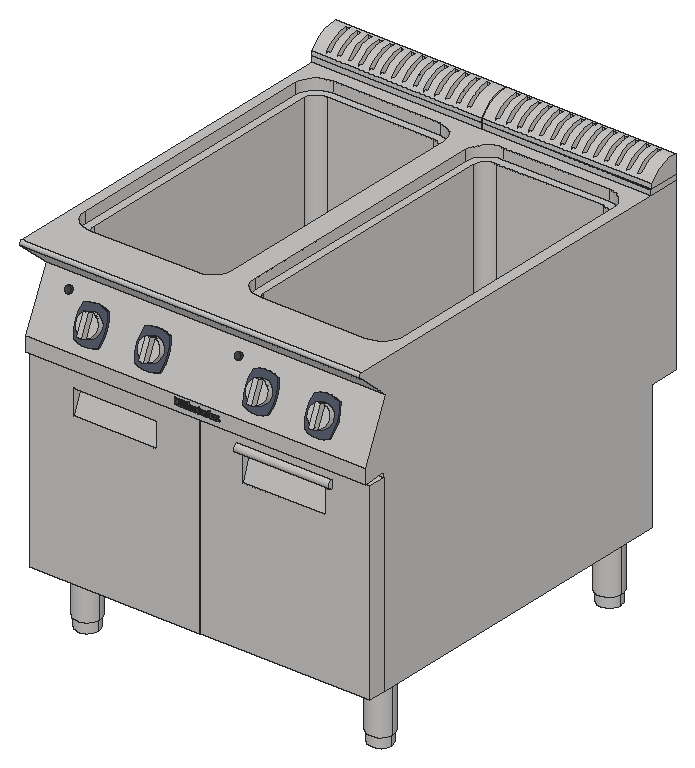
Revit family "QF_ELECTROLUXPROFESSIONAL_391127_E9PCEH2MF0", category Specialty Equipment, Revit 2018
Family settings
  Round Connector Dimension = Use Diameter
  Part Type = Normal
  Work Plane-Based = No
  Always vertical = Yes
  Cut with Voids When Loaded = No
  Shared = No
  Room Calculation Point = No
Parameters
  Width = 800 mm  # constant formula
  Weight in Pounds = 115  # constant formula
  Watts = 20000 VA  # 20000 W
  Waste Water Discharge Temperature [instance] = -459.67 °F
  Volts = 400 V  # constant formula
  URL Cutsheet = "www.electrolux.com/foodservice"
  URL = "www.electrolux.com/foodservice"
  Type Mark [instance] = ""
  Status [instance] = ""
  Specification by User [instance] = ""
  Specification by Manufacturer = ""
  Show Logo [instance] = yes
  Show Clearance [instance] = yes
  Serial Number = ""
  Seismic Rating = ""
  SMACNA No = ""
  Revision Code [instance] = ""
  Plumbing Remarks [instance] = ""
  Plumbing Connection Type [instance] = ""
  Phase = 3
  Omniclass Number and Title = ""
  Number of Poles [instance] = 1
  NAFEM Spec ID Number = ""
  Model = "391127"
  Min Ckt Ampacity = 0 A
  Max Overcurrent Protection = 0 A
  Masterspec = ""
  Manufacturer = "ELECTROLUX"
  Item Number [instance] = ""
  Installed By [instance] = ""
  Indirect Waste Size = 25.4 mm  # 1"
  Indirect Waste Flow [instance] = 0 GPM
  Indirect Waste Connection Type [instance] = ""
  Indirect Waste Connection Height = 0 mm
  Identify Quantity as Lot [instance] = yes
  Height = 851 mm  # constant formula
  HP = "26.8 HP"
  Furnished By [instance] = ""
  Foodservice Equipment Identifier [instance] = yes
  FL Amps = if(Phase = 3, Watts / (Volts * 1.73), Watts / Volts)  # 28.9017 A
  Electrical Remarks [instance] = "400 V/3N ph/50/60 Hz"  # constant formula
  Electric Connection Type [instance] = ""
  Elec Conn RI Height [instance] = 0 mm
  Elec Conn Connection Height [instance] = 0 mm
  Direct Waste Size = 1"
  Description = "900XP ELECTRIC PASTA COOKER, 40LT WELL, 2 WELLS - 400 V"
  Depth = 930 mm  # constant formula
  Cycle [instance] = if([60 Hertz Option], 60 Hz, 50 Hz)  # 60 Hz
  Conn Plug = ""
  Conn Conduit = yes
  Cold Water Temperature Recommended [instance] = -459.67 °F
  Cold Water Size = 19.1 mm  # 0.75197"
  Cold Water RI Height [instance] = 0 mm
  Cold Water Minimum Pressure = 0.00 psi
  Cold Water Maximum Pressure = 0.00 psi
  Cold Water Flow [instance] = 0 GPM
  Cold Water Consumption = ""
  Cold Water Connection Height = 0 mm
  CSI MasterFormat = ""
  CSI Master Format = ""
  Base Height [instance] = 150 mm  # constant formula
  Apparent Power = if(Phase = 3, Volts * FL Amps * 1.73, Volts * FL Amps)  # 20000 VA
  60 Hertz Option [instance] = not([50 Hertz Option])  # yes
  50 Hertz Option [instance] = no
Reference planes
  plane 1 "BACK": y = 0
  plane 2: z = 0
  plane 3 "LEFT": x = 0
  plane 4 "RIGHT": x = 800
  plane 5 "FRONT": y = -930
  plane 6 "TOP": z = 908
  plane 7 "Center Y": x = 400
  plane 8 "Center X": y = -465
  plane 9 "BASE": z = 601.763
  plane 10 "TOP A": z = 851
  plane 11: z = 150
  plane 12: y = -126
  plane 13: y = -800
  plane 14: y = -1288
  plane 15: x = 755
  plane 16: x = 232
  plane 17: x = 65
  plane 18: x = 737
  plane 19: x = 632
  plane 20: x = 55
  plane 21: x = 745
Forms (mm)
  Extrusion 1, solid, material "QF_Finishes_Stainless Steel"
    sketch origin (0, 0, 0) x (0, 1, 0) y (0, 0, 1)
      loop
        line (0, 851) -> (-923.65, 851)
        arc (-923.65, 851) -> (-929.517, 847.08) -> (-928.14, 840.16) r 6.35
        line (-928.14, 840.16) -> (-852.034, 773.495) -> (-912.145, 642.892) -> (-912.145, 608.853) -> (-858.773, 614.463) -> (-858.773, 150) -> (-70, 150) -> (-70, 451.763) -> (0, 451.763) -> (0, 851)
      loop
        line (-900, 601.763) -> (-900, 150) -> (-860.361, 150) -> (-860.361, 601.763) -> (-900, 601.763)
    from 0 to 800
  Extrusion 2, solid, material "QF_Clearances", visible <- "Show Clearance", detail levels coarse
    sketch origin (0, 0, 0) x (1, 0, 0) y (0, 1, 0)
      loop
        line (0, -930) -> (0, 0) -> (800, 0) -> (800, -930) -> (950.019, -930) -> (950.019, 150.019) -> (-150.019, 150.019) -> (-150.019, -930) -> (0, -930)
    from 0 to 908
  Extrusion 3, solid, material "QF_Door-Drawer Clearances", visible <- "Show Clearance", detail levels coarse
    sketch origin (400, 0, 851) x (1, 0, 0) y (0, 1, 0)
      loop
        arc (-400, -1288) -> (-124.279, -1172.327) -> (-0.826, -900) r 409.234
        line (-0.826, -900) -> (-400, -900) -> (-400, -1288)
    from -701 to -249.237
  Extrusion 4, solid, material "QF_Door-Drawer Clearances", visible <- "Show Clearance", detail levels coarse
    sketch origin (400, 0, 851) x (-1, 0, 0) y (0, -1, 0)
      loop
        line (-400, 1288) -> (-400, 900) -> (-0.826, 900)
        arc (-0.826, 900) -> (-124.279, 1172.327) -> (-400, 1288) r 409.234
    from -701 to -249.237
  Extrusion 5, solid, material "QF_Finishes_Navy Blue", visible <- "Show Logo"
    sketch origin (201.175, -912.145, 608.853) x (0, 0, 1) y (-1, 0, 0)
      loop
        line (27.359, -159.055) -> (14.993, -159.055)
        arc (14.993, -159.055) -> (21.176, -163.626) -> (27.359, -159.055) r 6.467
      loop
        arc (27.359, -158.426) -> (26.19, -153.283) -> (21.534, -150.805) r 6.338
        line (21.534, -150.805) -> (21.534, -152.851)
        arc (21.534, -152.851) -> (23.018, -156.506) -> (26.464, -158.426) r 5.941
        line (26.464, -158.426) -> (27.359, -158.426)
      loop
        arc (15.888, -158.426) -> (19.334, -156.506) -> (20.817, -152.851) r 5.941
        line (20.817, -152.851) -> (20.817, -150.805)
        arc (20.817, -150.805) -> (16.123, -153.279) -> (14.834, -158.426) r 6.504
        line (14.834, -158.426) -> (15.888, -158.426)
      loop
        line (28.034, -150.336) -> (14.29, -150.336) -> (14.29, -164.099) -> (28.034, -164.099) -> (28.034, -150.336)
      loop
        arc (28.118, -167.066) -> (27.77, -166.709) -> (27.403, -167.047) r 0.358
        arc (27.403, -167.047) -> (27.089, -167.797) -> (26.372, -168.182) r 1.216
        line (26.372, -168.182) -> (15.959, -168.182)
        arc (15.959, -168.182) -> (15.299, -167.904) -> (14.903, -167.308) r 1.238
        arc (14.903, -167.308) -> (14.509, -167.057) -> (14.203, -167.411) r 0.358
        line (14.203, -167.411) -> (14.203, -177.29) -> (16.954, -177.29) -> (16.954, -176.393)
        arc (16.954, -176.393) -> (16.045, -175.813) -> (15.589, -174.836) r 1.928
        line (15.589, -174.836) -> (15.589, -172.337)
        arc (15.589, -172.337) -> (15.865, -171.608) -> (16.553, -171.244) r 1.101
        line (16.553, -171.244) -> (20.64, -171.244) -> (20.64, -174.917)
        arc (20.64, -174.917) -> (20.287, -175.414) -> (19.722, -175.642) r 1.083
        arc (19.722, -175.642) -> (19.459, -175.948) -> (19.751, -176.226) r 0.292
        line (19.751, -176.226) -> (22.713, -176.226)
        arc (22.713, -176.226) -> (23.016, -175.953) -> (22.777, -175.623) r 0.305
        arc (22.777, -175.623) -> (22.286, -175.375) -> (21.981, -174.917) r 1.083
        line (21.981, -174.917) -> (21.981, -171.244) -> (26.659, -171.244) -> (26.659, -174.991)
        arc (26.659, -174.991) -> (26.444, -175.747) -> (25.838, -176.245) r 1.314
        arc (25.838, -176.245) -> (25.619, -176.649) -> (25.973, -176.941) r 0.361
        line (25.973, -176.941) -> (28.118, -176.941) -> (28.118, -167.066)
      loop
        arc (27.4, -177.722) -> (27.02, -178.641) -> (26.101, -179.021) r 1.299
        line (26.101, -179.021) -> (16.522, -179.021)
        arc (16.522, -179.021) -> (15.684, -178.643) -> (15.413, -177.765) r 1.118
        line (15.413, -177.765) -> (14.203, -177.765) -> (14.203, -183.115) -> (15.391, -183.115)
        arc (15.391, -183.115) -> (15.663, -182.198) -> (16.533, -181.802) r 1.153
        line (16.533, -181.802) -> (28.605, -181.802) -> (27.4, -177.722)
      loop
        line (19.168, -185.751) -> (19.168, -192.198) -> (19.967, -192.198)
        arc (19.967, -192.198) -> (22.547, -191.214) -> (23.816, -188.76) r 3.874
        line (23.816, -188.76) -> (23.816, -187)
        arc (23.816, -187) -> (22.629, -184.135) -> (19.765, -182.949) r 4.051
        line (19.765, -182.949) -> (17.757, -182.949)
        arc (17.757, -182.949) -> (14.938, -184.434) -> (13.887, -187.441) r 4.352
        arc (13.887, -187.441) -> (14.251, -189.904) -> (15.629, -191.978) r 5.713
        line (15.629, -191.978) -> (16.578, -191.978)
        arc (16.578, -191.978) -> (15.845, -190.409) -> (15.629, -188.691) r 5.579
        arc (15.629, -188.691) -> (16.422, -186.728) -> (18.301, -185.751) r 3.057
        line (18.301, -185.751) -> (19.168, -185.751)
      loop
        line (20.427, -185.751) -> (20.427, -189.333)
        arc (20.427, -189.333) -> (21.884, -189.38) -> (22.767, -188.221) r 1.59
        line (22.767, -188.221) -> (22.767, -187.391)
        arc (22.767, -187.391) -> (21.902, -186.136) -> (20.427, -185.751) r 2.184
      loop
        arc (23.218, -201.616) -> (23.707, -199.942) -> (23.864, -198.205) r 9.023
        line (23.864, -198.205) -> (23.864, -196.843)
        arc (23.864, -196.843) -> (22.705, -194.043) -> (19.905, -192.883) r 3.959
        line (19.905, -192.883) -> (17.305, -192.883)
        arc (17.305, -192.883) -> (15.023, -194.176) -> (13.906, -196.549) r 4.331
        line (13.906, -196.549) -> (13.906, -198.684)
        arc (13.906, -198.684) -> (14.414, -200.234) -> (15.336, -201.58) r 5.772
        arc (15.336, -201.58) -> (16.098, -201.631) -> (16.184, -200.872) r 0.553
        arc (16.184, -200.872) -> (15.796, -200.138) -> (15.662, -199.319) r 2.573
        line (15.662, -199.319) -> (15.662, -197.804)
        arc (15.662, -197.804) -> (16.668, -196.162) -> (18.483, -195.52) r 2.884
        line (18.483, -195.52) -> (19.762, -195.52)
        arc (19.762, -195.52) -> (21.583, -196.08) -> (22.509, -197.745) r 2.554
        line (22.509, -197.745) -> (22.509, -198.798)
        arc (22.509, -198.798) -> (22.178, -199.726) -> (21.521, -200.461) r 2.564
        arc (21.521, -200.461) -> (21.299, -201.178) -> (21.909, -201.616) r 0.643
        line (21.909, -201.616) -> (23.218, -201.616)
      loop
        line (22.2, -201.886) -> (22.2, -203.387) -> (16.152, -203.387)
        arc (16.152, -203.387) -> (14.564, -204.045) -> (13.906, -205.633) r 2.246
        line (13.906, -205.633) -> (13.906, -207.217)
        arc (13.906, -207.217) -> (14.22, -208.081) -> (14.72, -208.853) r 4.06
        arc (14.72, -208.853) -> (15.453, -208.986) -> (15.704, -208.285) r 0.576
        arc (15.704, -208.285) -> (15.598, -207.759) -> (15.662, -207.227) r 1.69
        arc (15.662, -207.227) -> (16.204, -206.439) -> (17.11, -206.136) r 1.506
        line (17.11, -206.136) -> (22.248, -206.136) -> (22.248, -208.533) -> (22.805, -209.089) -> (23.626, -209.089) -> (23.626, -206.23) -> (26.857, -206.23) -> (22.2, -201.886)
      loop
        line (14.124, -209.987) -> (14.124, -215.374) -> (15.234, -215.374)
        arc (15.234, -215.374) -> (15.627, -214.423) -> (16.578, -214.029) r 1.345
        line (16.578, -214.029) -> (20.195, -214.029)
        arc (20.195, -214.029) -> (20.959, -214.621) -> (21.249, -215.543) r 1.615
        line (21.249, -215.543) -> (21.249, -217.099) -> (23.805, -217.784) -> (23.805, -216.401) -> (21.862, -213.842) -> (23.742, -213.842) -> (23.458, -211.136)
        arc (23.458, -211.136) -> (23.018, -210.606) -> (22.359, -210.807) r 0.621
        arc (22.359, -210.807) -> (21.959, -211.149) -> (21.465, -211.332) r 1.501
        line (21.465, -211.332) -> (16.578, -211.332)
        arc (16.578, -211.332) -> (15.627, -210.938) -> (15.234, -209.987) r 1.345
        line (15.234, -209.987) -> (14.124, -209.987)
      loop
        line (20.225, -217.321) -> (17.533, -217.321)
        arc (17.533, -217.321) -> (15.088, -218.629) -> (13.954, -221.159) r 4.288
        arc (13.954, -221.159) -> (13.89, -222.54) -> (13.954, -223.92) r 15.022
        arc (13.954, -223.92) -> (15.088, -226.451) -> (17.533, -227.758) r 4.288
        line (17.533, -227.758) -> (20.225, -227.758)
        arc (20.225, -227.758) -> (22.671, -226.451) -> (23.805, -223.92) r 4.288
        arc (23.805, -223.92) -> (23.868, -222.54) -> (23.805, -221.159) r 15.022
        arc (23.805, -221.159) -> (22.671, -218.629) -> (20.225, -217.321) r 4.288
      loop
        line (20.43, -220.435) -> (17.328, -220.435)
        arc (17.328, -220.435) -> (15.171, -222.592) -> (17.328, -224.749) r 2.157
        line (17.328, -224.749) -> (20.43, -224.749)
        arc (20.43, -224.749) -> (22.587, -222.592) -> (20.43, -220.435) r 2.157
      loop
        arc (27.411, -227.616) -> (27.041, -228.51) -> (26.147, -228.881) r 1.264
        line (26.147, -228.881) -> (16.282, -228.881)
        arc (16.282, -228.881) -> (15.412, -228.484) -> (15.141, -227.568) r 1.153
        line (15.141, -227.568) -> (14.203, -227.568) -> (14.203, -232.676) -> (15.131, -232.676)
        arc (15.131, -232.676) -> (15.49, -231.904) -> (16.282, -231.589) r 1.153
        line (16.282, -231.589) -> (28.605, -231.589) -> (27.411, -227.616)
      loop
        arc (22.531, -232.213) -> (22.332, -233.278) -> (21.363, -233.76) r 1.215
        line (21.363, -233.76) -> (16.343, -233.76)
        arc (16.343, -233.76) -> (14.728, -234.407) -> (14.008, -235.99) r 2.338
        line (14.008, -235.99) -> (14.008, -237.505)
        arc (14.008, -237.505) -> (14.182, -238.509) -> (14.684, -239.395) r 2.979
        line (14.684, -239.395) -> (14.203, -241.192) -> (14.203, -242.88) -> (23.629, -242.88) -> (23.335, -238.677) -> (22.548, -238.677)
        arc (22.548, -238.677) -> (22.192, -239.513) -> (21.44, -240.022) r 1.605
        line (21.44, -240.022) -> (16.337, -240.022)
        arc (16.337, -240.022) -> (15.917, -239.085) -> (15.844, -238.061) r 2.94
        arc (15.844, -238.061) -> (16.405, -236.96) -> (17.558, -236.517) r 1.724
        line (17.558, -236.517) -> (23.755, -236.517) -> (22.531, -232.213)
      loop
        line (23.559, -243.734) -> (21.887, -245.78) -> (18.713, -248.086) -> (15.257, -244.974)
        arc (15.257, -244.974) -> (15.02, -244.58) -> (15.042, -244.121) r 0.789
        line (15.042, -244.121) -> (14.203, -244.121) -> (14.203, -247.666) -> (15.029, -247.666)
        arc (15.029, -247.666) -> (15.372, -247.304) -> (15.862, -247.396) r 0.52
        line (15.862, -247.396) -> (17.661, -248.867) -> (15.543, -250.242)
        arc (15.543, -250.242) -> (15.142, -249.932) -> (15.055, -249.433) r 0.7
        line (15.055, -249.433) -> (14.203, -249.433) -> (14.203, -255.36) -> (15.09, -255.36)
        arc (15.09, -255.36) -> (15.157, -254.701) -> (15.552, -254.17) r 1.247
        line (15.552, -254.17) -> (19.751, -250.889) -> (22.198, -252.942) -> (23.559, -254.684) -> (23.559, -250.96) -> (22.074, -251.383) -> (20.553, -250.106) -> (22.253, -248.916) -> (23.559, -249.692) -> (23.559, -243.734)
    from 0 to 1.644
  Extrusion 6, solid, material "QF_Finishes_Stainless Steel"
    sketch origin (200, 0, 0) x (0, 1, 0) y (0, 0, 1)
      loop
        line (-71.89, 863.9) -> (-71.89, 851) -> (0, 851) -> (0, 863.9) -> (-71.89, 863.9)
    from -200 to 200
  Extrusion 7, solid, material "QF_Finishes_Stainless Steel"
    sketch origin (0, 0, 574.263) x (0, 1, 0) y (0, 0, 1)
      loop
        line (0, 289.638) -> (0, 333.737)
        arc (0, 333.737) -> (-39.336, 326.03) -> (-69.85, 300.038) r 79.141
        line (-69.85, 300.038) -> (-69.85, 289.638) -> (0, 289.638)
    from 0 to 400
  Extrusion 8, void
    sketch origin (0, 0, 848.9) x (0, -1, 0) y (1, 0, 0)
      loop
        line (6.761, 29.703) -> (63.911, 29.703) -> (63.911, 38.999) -> (6.761, 38.999) -> (6.761, 29.703)
      loop
        line (63.911, 64.487) -> (6.761, 64.487) -> (6.761, 55.191) -> (63.911, 55.191) -> (63.911, 64.487)
      loop
        line (63.911, 89.975) -> (6.761, 89.975) -> (6.761, 80.68) -> (63.911, 80.68) -> (63.911, 89.975)
      loop
        line (63.911, 115.464) -> (6.761, 115.464) -> (6.761, 106.168) -> (63.911, 106.168) -> (63.911, 115.464)
      loop
        line (63.911, 140.952) -> (6.761, 140.952) -> (6.761, 131.656) -> (63.911, 131.656) -> (63.911, 140.952)
      loop
        line (63.911, 166.44) -> (6.761, 166.44) -> (6.761, 157.145) -> (63.911, 157.145) -> (63.911, 166.44)
      loop
        line (63.911, 191.929) -> (6.761, 191.929) -> (6.761, 182.633) -> (63.911, 182.633) -> (63.911, 191.929)
      loop
        line (63.911, 217.417) -> (6.761, 217.417) -> (6.761, 208.121) -> (63.911, 208.121) -> (63.911, 217.417)
      loop
        line (63.911, 242.905) -> (6.761, 242.905) -> (6.761, 233.61) -> (63.911, 233.61) -> (63.911, 242.905)
      loop
        line (63.911, 268.394) -> (6.761, 268.394) -> (6.761, 259.098) -> (63.911, 259.098) -> (63.911, 268.394)
      loop
        line (63.911, 293.882) -> (6.761, 293.882) -> (6.761, 284.586) -> (63.911, 284.586) -> (63.911, 293.882)
      loop
        line (63.911, 319.37) -> (6.761, 319.37) -> (6.761, 310.075) -> (63.911, 310.075) -> (63.911, 319.37)
      loop
        line (63.911, 344.859) -> (6.761, 344.859) -> (6.761, 335.563) -> (63.911, 335.563) -> (63.911, 344.859)
      loop
        line (63.911, 370.347) -> (6.761, 370.347) -> (6.761, 361.051) -> (63.911, 361.051) -> (63.911, 370.347)
    from 25.4 to 63.5
  Extrusion 9, solid, material "QF_Finishes_Stainless Steel"
    sketch origin (600, 0, 0) x (0, 1, 0) y (0, 0, -1)
      loop
        line (-71.89, -863.9) -> (0, -863.9) -> (0, -851) -> (-71.89, -851) -> (-71.89, -863.9)
    from -200 to 200
  Extrusion 10, solid, material "QF_Finishes_Stainless Steel"
    sketch origin (800, 0, 574.263) x (0, 1, 0) y (0, 0, -1)
      loop
        line (0, -289.638) -> (-69.85, -289.638) -> (-69.85, -300.038)
        arc (-69.85, -300.038) -> (-39.336, -326.03) -> (0, -333.737) r 79.141
        line (0, -333.737) -> (0, -289.638)
    from 0 to 400
  Extrusion 11, void
    sketch origin (800, 0, 848.9) x (0, -1, 0) y (1, 0, 0)
      loop
        line (6.761, -29.703) -> (6.761, -38.999) -> (63.911, -38.999) -> (63.911, -29.703) -> (6.761, -29.703)
      loop
        line (63.911, -64.487) -> (63.911, -55.191) -> (6.761, -55.191) -> (6.761, -64.487) -> (63.911, -64.487)
      loop
        line (63.911, -90.975) -> (63.911, -81.68) -> (6.761, -81.68) -> (6.761, -90.975) -> (63.911, -90.975)
      loop
        line (63.911, -116.464) -> (63.911, -107.168) -> (6.761, -107.168) -> (6.761, -116.464) -> (63.911, -116.464)
      loop
        line (63.911, -141.952) -> (63.911, -132.656) -> (6.761, -132.656) -> (6.761, -141.952) -> (63.911, -141.952)
      loop
        line (63.911, -167.44) -> (63.911, -158.145) -> (6.761, -158.145) -> (6.761, -167.44) -> (63.911, -167.44)
      loop
        line (63.911, -192.929) -> (63.911, -183.633) -> (6.761, -183.633) -> (6.761, -192.929) -> (63.911, -192.929)
      loop
        line (63.911, -218.417) -> (63.911, -209.121) -> (6.761, -209.121) -> (6.761, -218.417) -> (63.911, -218.417)
      loop
        line (63.911, -243.905) -> (63.911, -234.61) -> (6.761, -234.61) -> (6.761, -243.905) -> (63.911, -243.905)
      loop
        line (63.911, -269.394) -> (63.911, -260.098) -> (6.761, -260.098) -> (6.761, -269.394) -> (63.911, -269.394)
      loop
        line (63.911, -294.882) -> (63.911, -285.586) -> (6.761, -285.586) -> (6.761, -294.882) -> (63.911, -294.882)
      loop
        line (63.911, -320.37) -> (63.911, -311.075) -> (6.761, -311.075) -> (6.761, -320.37) -> (63.911, -320.37)
      loop
        line (63.911, -345.859) -> (63.911, -336.563) -> (6.761, -336.563) -> (6.761, -345.859) -> (63.911, -345.859)
      loop
        line (63.911, -371.347) -> (63.911, -362.051) -> (6.761, -362.051) -> (6.761, -371.347) -> (63.911, -371.347)
    from 25.4 to 63.5
  Extrusion 12, void
    sketch origin (0, -900, 601.763) x (0, 0, -1) y (1, 0, 0)
      loop
        line (451.762, 400.912) -> (0, 400.912) -> (0, 399.088) -> (451.762, 399.088) -> (451.762, 400.912)
    from 0 to -39.639
  Extrusion 13, void
    sketch origin (200, -14.239, 0) x (0, 1, 0) y (0, 0, 1)
      loop
        line (-885.761, 564.263) -> (-885.761, 504.332) -> (-863.948, 564.263) -> (-885.761, 564.263)
    from -96.424 to 99.144
  Extrusion 14, void
    sketch origin (600, -14.239, 0) x (0, 1, 0) y (0, 0, -1)
      loop
        line (-885.761, -564.263) -> (-863.948, -564.263) -> (-885.761, -504.332) -> (-885.761, -564.263)
    from -96.424 to 99.144
  Extrusion 15, solid, material "QF_Finishes_Stainless Steel"
    sketch origin (600, -14.239, 22.5) x (0, 1, 0) y (0, 0, -1)
      loop
        arc (-885.761, -541.858) -> (-895.666, -551.763) -> (-885.761, -561.667) r 9.905
        line (-885.761, -561.667) -> (-885.761, -541.858)
    from -110.529 to 112.106
  Extrusion 16, void
    sketch origin (0, 0, 791) x (1, 0, 0) y (0, 1, 0)
      loop
        line (75, -800) -> (325, -800)
        arc (325, -800) -> (346.213, -791.213) -> (355, -770) r 30
        line (355, -770) -> (355, -606.643)
        arc (355, -606.643) -> (346.213, -627.856) -> (325, -636.643) r 30
        line (325, -636.643) -> (75, -636.643)
        arc (75, -636.643) -> (53.787, -627.856) -> (45, -606.643) r 30
        line (45, -606.643) -> (45, -770)
        arc (45, -770) -> (53.787, -791.213) -> (75, -800) r 30
    from 35 to -189.237
  Extrusion 17, void
    sketch origin (0, 0, 791) x (0, 1, 0) y (-1, 0, 0)
      loop
        arc (-121.89, -75) -> (-130.677, -53.787) -> (-151.89, -45) r 30
        line (-151.89, -45) -> (-606.643, -45)
        arc (-606.643, -45) -> (-627.856, -53.787) -> (-636.643, -75) r 30
        line (-636.643, -75) -> (-636.643, -325)
        arc (-636.643, -325) -> (-627.856, -346.213) -> (-606.643, -355) r 30
        line (-606.643, -355) -> (-151.89, -355)
        arc (-151.89, -355) -> (-130.677, -346.213) -> (-121.89, -325) r 30
        line (-121.89, -325) -> (-121.89, -75)
    from 35 to -339.237
  Extrusion 18, void
    sketch origin (800, 0, 851) x (1, 0, 0) y (0, 1, 0)
      loop
        line (-75, -101.89) -> (-325, -101.89)
        arc (-325, -101.89) -> (-360.355, -116.535) -> (-375, -151.89) r 50
        line (-375, -151.89) -> (-375, -770)
        arc (-375, -770) -> (-360.355, -805.355) -> (-325, -820) r 50
        line (-325, -820) -> (-75, -820)
        arc (-75, -820) -> (-39.645, -805.355) -> (-25, -770) r 50
        line (-25, -770) -> (-25, -151.89)
        arc (-25, -151.89) -> (-39.645, -116.535) -> (-75, -101.89) r 50
    from 0 to -25
  Extrusion 19, void
    sketch origin (800, 0, 791) x (-1, 0, 0) y (0, -1, 0)
      loop
        arc (75, 800) -> (53.787, 791.213) -> (45, 770) r 30
        line (45, 770) -> (45, 606.643)
        arc (45, 606.643) -> (53.787, 627.856) -> (75, 636.643) r 30
        line (75, 636.643) -> (325, 636.643)
        arc (325, 636.643) -> (346.213, 627.856) -> (355, 606.643) r 30
        line (355, 606.643) -> (355, 770)
        arc (355, 770) -> (346.213, 791.213) -> (325, 800) r 30
        line (325, 800) -> (75, 800)
    from 35 to -189.237
  Extrusion 20, void
    sketch origin (800, 0, 791) x (0, -1, 0) y (1, 0, 0)
      loop
        line (121.89, -75) -> (121.89, -325)
        arc (121.89, -325) -> (130.677, -346.213) -> (151.89, -355) r 30
        line (151.89, -355) -> (606.643, -355)
        arc (606.643, -355) -> (627.856, -346.213) -> (636.643, -325) r 30
        line (636.643, -325) -> (636.643, -75)
        arc (636.643, -75) -> (627.856, -53.787) -> (606.643, -45) r 30
        line (606.643, -45) -> (151.89, -45)
        arc (151.89, -45) -> (130.677, -53.787) -> (121.89, -75) r 30
    from 35 to -339.237
  Extrusion 21, solid, material "QF_Finishes_Navy Blue"
    sketch origin (-405.52, -913.486, 639.979) x (0, 0.418102, 0.9084) y (-1, 0, 0)
      loop
        arc (102.623, -510.47) -> (67.041, -502.846) -> (31.333, -509.853) r 90.5
        arc (31.333, -509.853) -> (24.507, -539.04) -> (31.333, -568.228) r 65.817
        arc (31.333, -568.228) -> (67.04, -575.188) -> (102.623, -567.615) r 91.066
        arc (102.623, -567.615) -> (109.179, -539.043) -> (102.623, -510.47) r 65.546
    from 0 to 3.175
  Extrusion 22, solid, material "QF_Finishes_Stainless Steel"
    sketch origin (-26.77, -917.2, 639.505) x (0, 0.418102, 0.9084) y (-1, 0, 0)
      loop
        circle (68.826, -160.963) r 25.4
    from 0 to 12.7
  Extrusion 23, solid, material "QF_Finishes_Stainless Steel"
    sketch origin (-26.77, -928.736, 644.814) x (0, 0.418102, 0.9084) y (-1, 0, 0)
      loop
        arc (93.558, -166.749) -> (94.226, -160.963) -> (93.558, -155.177) r 25.4
        line (93.558, -155.177) -> (44.094, -155.177)
        arc (44.094, -155.177) -> (43.426, -160.963) -> (44.094, -166.749) r 25.4
        line (44.094, -166.749) -> (93.558, -166.749)
    from 0 to 12.7
  Extrusion 24, solid, material "QF_Finishes_Navy Blue"
    sketch origin (-260.52, -913.486, 639.979) x (0, 0.418102, 0.9084) y (-1, 0, 0)
      loop
        arc (102.623, -510.47) -> (67.041, -502.846) -> (31.333, -509.853) r 90.5
        arc (31.333, -509.853) -> (24.507, -539.04) -> (31.333, -568.228) r 65.817
        arc (31.333, -568.228) -> (67.04, -575.188) -> (102.623, -567.615) r 91.066
        arc (102.623, -567.615) -> (109.179, -539.043) -> (102.623, -510.47) r 65.546
    from 0 to 3.175
  Extrusion 25, solid, material "QF_Finishes_Stainless Steel"
    sketch origin (118.23, -917.2, 639.505) x (0, 0.418102, 0.9084) y (-1, 0, 0)
      loop
        circle (68.826, -160.963) r 25.4
    from 0 to 12.7
  Extrusion 26, solid, material "QF_Finishes_Stainless Steel"
    sketch origin (118.23, -928.736, 644.814) x (0, 0.418102, 0.9084) y (-1, 0, 0)
      loop
        arc (93.558, -166.749) -> (94.226, -160.963) -> (93.558, -155.177) r 25.4
        line (93.558, -155.177) -> (44.094, -155.177)
        arc (44.094, -155.177) -> (43.426, -160.963) -> (44.094, -166.749) r 25.4
        line (44.094, -166.749) -> (93.558, -166.749)
    from 0 to 12.7
  Extrusion 27, solid, material "QF_Finishes_Black"
    sketch origin (-36.317, -915, 636.69) x (0, 0.418102, 0.9084) y (-1, 0, 0)
      loop
        circle (117.556, -101.317) r 7.5
    from 0 to 4
  Extrusion 28, solid, material "QF_Finishes_Navy Blue"
    sketch origin (-5.52, -913.486, 639.979) x (0, 0.418102, 0.9084) y (-1, 0, 0)
      loop
        arc (102.623, -510.47) -> (67.041, -502.846) -> (31.333, -509.853) r 90.5
        arc (31.333, -509.853) -> (24.507, -539.04) -> (31.333, -568.228) r 65.817
        arc (31.333, -568.228) -> (67.04, -575.188) -> (102.623, -567.615) r 91.066
        arc (102.623, -567.615) -> (109.179, -539.043) -> (102.623, -510.47) r 65.546
    from 0 to 3.175
  Extrusion 29, solid, material "QF_Finishes_Stainless Steel"
    sketch origin (373.23, -917.2, 639.505) x (0, 0.418102, 0.9084) y (-1, 0, 0)
      loop
        circle (68.826, -160.963) r 25.4
    from 0 to 12.7
  Extrusion 30, solid, material "QF_Finishes_Stainless Steel"
    sketch origin (373.23, -928.736, 644.814) x (0, 0.418102, 0.9084) y (-1, 0, 0)
      loop
        arc (93.558, -166.749) -> (94.226, -160.963) -> (93.558, -155.177) r 25.4
        line (93.558, -155.177) -> (44.094, -155.177)
        arc (44.094, -155.177) -> (43.426, -160.963) -> (44.094, -166.749) r 25.4
        line (44.094, -166.749) -> (93.558, -166.749)
    from 0 to 12.7
  Extrusion 31, solid, material "QF_Finishes_Navy Blue"
    sketch origin (139.48, -913.486, 639.979) x (0, 0.418102, 0.9084) y (-1, 0, 0)
      loop
        arc (102.64, -509.47) -> (67.049, -501.922) -> (31.333, -508.853) r 91.424
        arc (31.333, -508.853) -> (24.284, -538.54) -> (31.333, -568.228) r 66.04
        arc (31.333, -568.228) -> (67.048, -575.112) -> (102.64, -567.615) r 91.99
        arc (102.64, -567.615) -> (109.413, -538.543) -> (102.64, -509.47) r 65.781
    from 0 to 3.175
  Extrusion 32, solid, material "QF_Finishes_Stainless Steel"
    sketch origin (518.23, -917.2, 639.505) x (0, 0.418102, 0.9084) y (-1, 0, 0)
      loop
        circle (68.826, -160.963) r 25.4
    from 0 to 12.7
  Extrusion 33, solid, material "QF_Finishes_Stainless Steel"
    sketch origin (518.23, -928.736, 644.814) x (0, 0.418102, 0.9084) y (-1, 0, 0)
      loop
        arc (93.558, -166.749) -> (94.226, -160.963) -> (93.558, -155.177) r 25.4
        line (93.558, -155.177) -> (44.094, -155.177)
        arc (44.094, -155.177) -> (43.426, -160.963) -> (44.094, -166.749) r 25.4
        line (44.094, -166.749) -> (93.558, -166.749)
    from 0 to 12.7
  Extrusion 34, solid, material "QF_Finishes_Black"
    sketch origin (363.683, -915, 636.69) x (0, 0.418102, 0.9084) y (-1, 0, 0)
      loop
        circle (117.556, -101.317) r 7.5
    from 0 to 4
  Extrusion 35, solid, material "QF_Finishes_Stainless Steel"
    sketch origin (0, 0, 0) x (1, 0, 0) y (0, 1, 0)
      loop
        circle (232, -780) r 12.7
    from 176 to 292.788
  Extrusion 36, solid, material "QF_Finishes_Stainless Steel"
    sketch origin (0, -70, 150) x (-1, 0, 0) y (0, 1, 0)
      loop
        circle (-599, -500) r 6.35
    from 0 to 10
  Extrusion 37, solid, material "QF_Finishes_Stainless Steel"
    sketch origin (552.628, 92.372, 0) x (1, 0, 0) y (0, 1, 0)
      loop
        circle (184.372, -792.372) r 9.525
    from 200 to 331.575
  Extrusion 38, solid, material "QF_Finishes_Stainless Steel"
    sketch origin (800, 0, 0) x (-1, 0, 0) y (0, -1, 0)
      loop
        circle (168, 780) r 12.7
    from 176 to 292.788
  Extrusion 39, void
    sketch origin (105, 0, 851) x (-1, 0, 0) y (0, -1, 0)
      loop
        arc (30, 101.89) -> (65.355, 116.535) -> (80, 151.89) r 50
        line (80, 151.89) -> (80, 770)
        arc (80, 770) -> (65.355, 805.355) -> (30, 820) r 50
        line (30, 820) -> (-220, 820)
        arc (-220, 820) -> (-255.355, 805.355) -> (-270, 770) r 50
        line (-270, 770) -> (-270, 151.89)
        arc (-270, 151.89) -> (-255.355, 116.535) -> (-220, 101.89) r 50
        line (-220, 101.89) -> (30, 101.89)
    from 0 to -25
  Revolve 40, solid, material "QF_Finishes_Stainless Steel"
    sketch origin (-1, -126, 608.09) x (0, 0, 1) y (-1, 0, 0)
      loop
        line (-608.09, -56) -> (-458.09, -56) -> (-458.09, -26) -> (-583.09, -26) -> (-583.09, -29.75) -> (-608.09, -29.75) -> (-608.09, -56)
      axis (-608.09, -56) -> (-458.09, -56)
    angle from 0 to 360
  Revolve 41, solid, material "QF_Finishes_Stainless Steel"
    sketch origin (-1, -800, 608.09) x (0, 0, 1) y (1, 0, 0)
      loop
        line (-608.09, 56) -> (-608.09, 29.75) -> (-583.09, 29.75) -> (-583.09, 26) -> (-458.09, 26) -> (-458.09, 56) -> (-608.09, 56)
      axis (-608.09, 56) -> (-458.09, 56)
    angle from 0 to 360
  Revolve 42, solid, material "QF_Finishes_Stainless Steel"
    sketch origin (801, -126, 608.09) x (0, 0, 1) y (-1, 0, 0)
      loop
        line (-608.09, 56) -> (-608.09, 29.75) -> (-583.09, 29.75) -> (-583.09, 26) -> (-458.09, 26) -> (-458.09, 56) -> (-608.09, 56)
      axis (-608.09, 56) -> (-458.09, 56)
    angle from 0 to 360
  Revolve 43, solid, material "QF_Finishes_Stainless Steel"
    sketch origin (801, -800, 608.09) x (0, 0, 1) y (1, 0, 0)
      loop
        line (-608.09, -56) -> (-458.09, -56) -> (-458.09, -26) -> (-583.09, -26) -> (-583.09, -29.75) -> (-608.09, -29.75) -> (-608.09, -56)
      axis (-608.09, -56) -> (-458.09, -56)
    angle from 0 to 360
Cuts and joins
  Extrusion 12, Extrusion 13, Extrusion 14, Extrusion 16, Extrusion 17, Extrusion 18, Extrusion 19, Extrusion 20, Extrusion 39 cuts Extrusion 1
  Extrusion 8, Extrusion 11 cuts Extrusion 7
  Extrusion 11 cuts Extrusion 10
  Extrusion 14 cuts Extrusion 4
Lines and regions (mm)
  symbolic lines, style "QF_Clearances", visible <- "Show Clearance", detail levels coarse
    curve 1: line (-150.019, 150.019, 851) -> (-150.019, -931.377, 851)
    curve 2: line (950.019, 150.019, 851) -> (-150.019, 150.019, 851)
    curve 7: line (950.019, 150.019, 851) -> (950.019, -931.377, 851)
  symbolic lines
    curve 3: line (0, -930, 851) -> (0, 0, 851)
    curve 4: line (400, -930, 851) -> (0, -930, 851)
    curve 5: line (0, -71.89, 851) -> (400, -71.89, 851)
    curve 6: line (0, 0, 851) -> (400, 0, 851)
    curve 8: line (800, -930, 851) -> (800, 0, 851)
    curve 9: line (400, -930, 851) -> (800, -930, 851)
    curve 10: line (800, -71.89, 851) -> (400, -71.89, 851)
    curve 11: line (800, 0, 851) -> (400, 0, 851)
    curve 16: line (38.999, -63.911, 851) -> (29.703, -63.911, 851)
    curve 17: line (38.999, -6.761, 851) -> (38.999, -63.911, 851)
    curve 18: line (29.703, -6.761, 851) -> (38.999, -6.761, 851)
    curve 19: line (29.703, -63.911, 851) -> (29.703, -6.761, 851)
    curve 20: line (64.487, -63.911, 851) -> (55.191, -63.911, 851)
    curve 21: line (64.487, -6.761, 851) -> (64.487, -63.911, 851)
    curve 22: line (55.191, -6.761, 851) -> (64.487, -6.761, 851)
    curve 23: line (55.191, -63.911, 851) -> (55.191, -6.761, 851)
    curve 24: line (89.975, -63.911, 851) -> (80.68, -63.911, 851)
    curve 25: line (89.975, -6.761, 851) -> (89.975, -63.911, 851)
    curve 26: line (80.68, -6.761, 851) -> (89.975, -6.761, 851)
    curve 27: line (80.68, -63.911, 851) -> (80.68, -6.761, 851)
    curve 28: line (115.464, -63.911, 851) -> (106.168, -63.911, 851)
    curve 29: line (115.464, -6.761, 851) -> (115.464, -63.911, 851)
    curve 30: line (106.168, -6.761, 851) -> (115.464, -6.761, 851)
    curve 31: line (106.168, -63.911, 851) -> (106.168, -6.761, 851)
    curve 32: line (140.952, -63.911, 851) -> (131.656, -63.911, 851)
    curve 33: line (140.952, -6.761, 851) -> (140.952, -63.911, 851)
    curve 34: line (131.656, -6.761, 851) -> (140.952, -6.761, 851)
    curve 35: line (131.656, -63.911, 851) -> (131.656, -6.761, 851)
    curve 36: line (166.44, -63.911, 851) -> (157.145, -63.911, 851)
    curve 37: line (166.44, -6.761, 851) -> (166.44, -63.911, 851)
    curve 38: line (157.145, -6.761, 851) -> (166.44, -6.761, 851)
    curve 39: line (157.145, -63.911, 851) -> (157.145, -6.761, 851)
    curve 40: line (191.929, -63.911, 851) -> (182.633, -63.911, 851)
    curve 41: line (191.929, -6.761, 851) -> (191.929, -63.911, 851)
    curve 42: line (182.633, -6.761, 851) -> (191.929, -6.761, 851)
    curve 43: line (182.633, -63.911, 851) -> (182.633, -6.761, 851)
    curve 44: line (217.417, -63.911, 851) -> (208.121, -63.911, 851)
    curve 45: line (217.417, -6.761, 851) -> (217.417, -63.911, 851)
    curve 46: line (208.121, -6.761, 851) -> (217.417, -6.761, 851)
    curve 47: line (208.121, -63.911, 851) -> (208.121, -6.761, 851)
    curve 48: line (242.905, -63.911, 851) -> (233.61, -63.911, 851)
    curve 49: line (242.905, -6.761, 851) -> (242.905, -63.911, 851)
    curve 50: line (233.61, -6.761, 851) -> (242.905, -6.761, 851)
    curve 51: line (233.61, -63.911, 851) -> (233.61, -6.761, 851)
    curve 52: line (268.394, -63.911, 851) -> (259.098, -63.911, 851)
    curve 53: line (268.394, -6.761, 851) -> (268.394, -63.911, 851)
    curve 54: line (259.098, -6.761, 851) -> (268.394, -6.761, 851)
    curve 55: line (259.098, -63.911, 851) -> (259.098, -6.761, 851)
    curve 56: line (293.882, -63.911, 851) -> (284.586, -63.911, 851)
    curve 57: line (293.882, -6.761, 851) -> (293.882, -63.911, 851)
    curve 58: line (284.586, -6.761, 851) -> (293.882, -6.761, 851)
    curve 59: line (284.586, -63.911, 851) -> (284.586, -6.761, 851)
    curve 60: line (319.37, -63.911, 851) -> (310.075, -63.911, 851)
    curve 61: line (319.37, -6.761, 851) -> (319.37, -63.911, 851)
    curve 62: line (310.075, -6.761, 851) -> (319.37, -6.761, 851)
    curve 63: line (310.075, -63.911, 851) -> (310.075, -6.761, 851)
    curve 64: line (344.859, -63.911, 851) -> (335.563, -63.911, 851)
    curve 65: line (344.859, -6.761, 851) -> (344.859, -63.911, 851)
    curve 66: line (335.563, -6.761, 851) -> (344.859, -6.761, 851)
    curve 67: line (335.563, -63.911, 851) -> (335.563, -6.761, 851)
    curve 68: line (370.347, -63.911, 851) -> (361.051, -63.911, 851)
    curve 69: line (370.347, -6.761, 851) -> (370.347, -63.911, 851)
    curve 70: line (361.051, -6.761, 851) -> (370.347, -6.761, 851)
    curve 71: line (361.051, -63.911, 851) -> (361.051, -6.761, 851)
    curve 72: line (761.001, -63.911, 851) -> (770.297, -63.911, 851)
    curve 73: line (761.001, -6.761, 851) -> (761.001, -63.911, 851)
    curve 74: line (770.297, -6.761, 851) -> (761.001, -6.761, 851)
    curve 75: line (770.297, -63.911, 851) -> (770.297, -6.761, 851)
    curve 76: line (735.513, -63.911, 851) -> (744.809, -63.911, 851)
    curve 77: line (735.513, -6.761, 851) -> (735.513, -63.911, 851)
    curve 78: line (744.809, -6.761, 851) -> (735.513, -6.761, 851)
    curve 79: line (744.809, -63.911, 851) -> (744.809, -6.761, 851)
    curve 80: line (710.025, -63.911, 851) -> (719.32, -63.911, 851)
    curve 81: line (710.025, -6.761, 851) -> (710.025, -63.911, 851)
    curve 82: line (719.32, -6.761, 851) -> (710.025, -6.761, 851)
    curve 83: line (719.32, -63.911, 851) -> (719.32, -6.761, 851)
    curve 84: line (684.536, -63.911, 851) -> (693.832, -63.911, 851)
    curve 85: line (684.536, -6.761, 851) -> (684.536, -63.911, 851)
    curve 86: line (693.832, -6.761, 851) -> (684.536, -6.761, 851)
    curve 87: line (693.832, -63.911, 851) -> (693.832, -6.761, 851)
    curve 88: line (659.048, -63.911, 851) -> (668.344, -63.911, 851)
    curve 89: line (659.048, -6.761, 851) -> (659.048, -63.911, 851)
    curve 90: line (668.344, -6.761, 851) -> (659.048, -6.761, 851)
    curve 91: line (668.344, -63.911, 851) -> (668.344, -6.761, 851)
    curve 92: line (632.56, -63.911, 851) -> (641.855, -63.911, 851)
    curve 93: line (632.56, -6.761, 851) -> (632.56, -63.911, 851)
    curve 94: line (641.855, -6.761, 851) -> (632.56, -6.761, 851)
    curve 95: line (641.855, -63.911, 851) -> (641.855, -6.761, 851)
    curve 96: line (607.071, -63.911, 851) -> (616.367, -63.911, 851)
    curve 97: line (607.071, -6.761, 851) -> (607.071, -63.911, 851)
    curve 98: line (616.367, -6.761, 851) -> (607.071, -6.761, 851)
    curve 99: line (616.367, -63.911, 851) -> (616.367, -6.761, 851)
    curve 100: line (581.583, -63.911, 851) -> (590.879, -63.911, 851)
    curve 101: line (581.583, -6.761, 851) -> (581.583, -63.911, 851)
    curve 102: line (590.879, -6.761, 851) -> (581.583, -6.761, 851)
    curve 103: line (590.879, -63.911, 851) -> (590.879, -6.761, 851)
    curve 104: line (556.095, -63.911, 851) -> (565.39, -63.911, 851)
    curve 105: line (556.095, -6.761, 851) -> (556.095, -63.911, 851)
    curve 106: line (565.39, -6.761, 851) -> (556.095, -6.761, 851)
    curve 107: line (565.39, -63.911, 851) -> (565.39, -6.761, 851)
    curve 108: line (530.606, -63.911, 851) -> (539.902, -63.911, 851)
    curve 109: line (530.606, -6.761, 851) -> (530.606, -63.911, 851)
    curve 110: line (539.902, -6.761, 851) -> (530.606, -6.761, 851)
    curve 111: line (539.902, -63.911, 851) -> (539.902, -6.761, 851)
    curve 112: line (505.118, -63.911, 851) -> (514.414, -63.911, 851)
    curve 113: line (505.118, -6.761, 851) -> (505.118, -63.911, 851)
    curve 114: line (514.414, -6.761, 851) -> (505.118, -6.761, 851)
    curve 115: line (514.414, -63.911, 851) -> (514.414, -6.761, 851)
    curve 116: line (479.63, -63.911, 851) -> (488.925, -63.911, 851)
    curve 117: line (479.63, -6.761, 851) -> (479.63, -63.911, 851)
    curve 118: line (488.925, -6.761, 851) -> (479.63, -6.761, 851)
    curve 119: line (488.925, -63.911, 851) -> (488.925, -6.761, 851)
    curve 120: line (454.141, -63.911, 851) -> (463.437, -63.911, 851)
    curve 121: line (454.141, -6.761, 851) -> (454.141, -63.911, 851)
    curve 122: line (463.437, -6.761, 851) -> (454.141, -6.761, 851)
    curve 123: line (463.437, -63.911, 851) -> (463.437, -6.761, 851)
    curve 124: line (428.653, -63.911, 851) -> (437.949, -63.911, 851)
    curve 125: line (428.653, -6.761, 851) -> (428.653, -63.911, 851)
    curve 126: line (437.949, -6.761, 851) -> (428.653, -6.761, 851)
    curve 127: line (437.949, -63.911, 851) -> (437.949, -6.761, 851)
    curve 128: line (25, -770, 851) -> (25, -151.89, 851)
    curve 129: arc (25, -151.89, 851) -> (39.645, -116.535, 851) -> (75, -101.89, 851) r 50
    curve 130: line (75, -101.89, 851) -> (325, -101.89, 851)
    curve 131: arc (325, -101.89, 851) -> (360.355, -116.535, 851) -> (375, -151.89, 851) r 50
    curve 132: line (375, -151.89, 851) -> (375, -770, 851)
    curve 133: arc (375, -770, 851) -> (360.355, -805.355, 851) -> (325, -820, 851) r 50
    curve 134: line (325, -820, 851) -> (75, -820, 851)
    curve 135: arc (75, -820, 851) -> (39.645, -805.355, 851) -> (25, -770, 851) r 50
    curve 136: line (475, -101.89, 851) -> (725, -101.89, 851)
    curve 137: arc (725, -101.89, 851) -> (760.355, -116.535, 851) -> (775, -151.89, 851) r 50
    curve 138: line (775, -151.89, 851) -> (775, -770, 851)
    curve 139: arc (775, -770, 851) -> (760.355, -805.355, 851) -> (725, -820, 851) r 50
    curve 140: line (725, -820, 851) -> (475, -820, 851)
    curve 141: arc (475, -820, 851) -> (439.645, -805.355, 851) -> (425, -770, 851) r 50
    curve 142: line (425, -770, 851) -> (425, -151.89, 851)
    curve 143: arc (425, -151.89, 851) -> (439.645, -116.535, 851) -> (475, -101.89, 851) r 50
    curve 144: line (475, -121.89, 851) -> (725, -121.89, 851)
    curve 145: arc (725, -121.89, 851) -> (746.213, -130.677, 851) -> (755, -151.89, 851) r 30
    curve 146: line (755, -151.89, 851) -> (755, -770, 851)
    curve 147: arc (755, -770, 851) -> (746.213, -791.213, 851) -> (725, -800, 851) r 30
    curve 148: line (725, -800, 851) -> (475, -800, 851)
    curve 149: arc (475, -800, 851) -> (453.787, -791.213, 851) -> (445, -770, 851) r 30
    curve 150: line (445, -770, 851) -> (445, -151.89, 851)
    curve 151: arc (445, -151.89, 851) -> (453.787, -130.677, 851) -> (475, -121.89, 851) r 30
    curve 152: line (45, -770, 851) -> (45, -151.89, 851)
    curve 153: arc (45, -151.89, 851) -> (53.787, -130.677, 851) -> (75, -121.89, 851) r 30
    curve 154: line (75, -121.89, 851) -> (325, -121.89, 851)
    curve 155: arc (325, -121.89, 851) -> (346.213, -130.677, 851) -> (355, -151.89, 851) r 30
    curve 156: line (355, -151.89, 851) -> (355, -770, 851)
    curve 157: arc (355, -770, 851) -> (346.213, -791.213, 851) -> (325, -800, 851) r 30
    curve 158: line (325, -800, 851) -> (75, -800, 851)
    curve 159: arc (75, -800, 851) -> (53.787, -791.213, 851) -> (45, -770, 851) r 30
    curve 160: line (75, -636.643, 851) -> (325, -636.643, 851)
    curve 161: arc (45, -606.643, 851) -> (53.787, -627.856, 851) -> (75, -636.643, 851) r 30
    curve 162: arc (325, -636.643, 851) -> (346.213, -627.856, 851) -> (355, -606.643, 851) r 30
    curve 163: line (475, -636.643, 851) -> (725, -636.643, 851)
    curve 164: arc (445, -606.643, 851) -> (453.787, -627.856, 851) -> (475, -636.643, 851) r 30
    curve 165: arc (725, -636.643, 851) -> (746.213, -627.856, 851) -> (755, -606.643, 851) r 30
  symbolic lines, style "QF_Door-Drawer Clearances"
    curve 12: arc (403.486, -930, 851) -> (428.46, -1028.108, 851) -> (476.754, -1117.084, 851) r 409.234
    curve 13: line (476.754, -1117.084, 851) -> (800.76, -930, 851)
    curve 14: arc (396.514, -930, 851) -> (371.609, -1027.931, 851) -> (323.468, -1116.774, 851) r 409.234
    curve 15: line (323.468, -1116.774, 851) -> (0, -930, 851)
Dimensions and locks
  equal spacing: plane 3 "LEFT", plane 7 "Center Y", plane 4 "RIGHT"
  "Width": plane 3 "LEFT" to plane 4 "RIGHT"
  equal spacing: plane 5 "FRONT", plane 8 "Center X", plane 1 "BACK"
  "Depth": plane 5 "FRONT" to plane 1 "BACK"
  plane 1 "BACK" to plane 5 "FRONT" = 930 mm
  "Base Height": plane 11 to level
  plane 11 to level = 150 mm
  plane 1 "BACK" to plane 12 = 126 mm
  plane 12 to plane 13 = 674 mm
  plane 5 "FRONT" to plane 1 "BACK" = 930 mm
  plane 4 "RIGHT" to plane 3 "LEFT" = 800 mm
  plane 13 to cut or joined group 1 (Extrusion 1, Extrusion 12, Extrusion 13, Extrusion 14, Extrusion 16, Extrusion 17, Extrusion 18, Extrusion 19, Extrusion 20, Extrusion 39) = 100 mm
  plane 5 "FRONT" to plane 14 = 358 mm
  curve 1 to plane 3 "LEFT" = 150.019 mm
  plane 4 "RIGHT" to curve 7 = 150.019 mm
  plane 1 "BACK" to curve 2 = 150.019 mm
  plane 15 to plane 4 "RIGHT" = 45 mm  (x2)
  "Height": plane 10 "TOP A" to level
  plane 6 "TOP" to level = 908 mm
  plane 3 "LEFT" to plane 17 = 65 mm
  plane 3 "LEFT" to plane 16 = 232 mm
  plane 3 "LEFT" to plane 19 = 632 mm
  plane 18 to plane 4 "RIGHT" = 63 mm
  Extrusion 36 to plane 1 "BACK" = 570 mm
  Extrusion 35 to plane 1 "BACK" = 780 mm
  Extrusion 38 to plane 1 "BACK" = 780 mm
  Extrusion 37 to plane 1 "BACK" = 700 mm
  cut or joined group 1 to Extrusion 35 = 26 mm
  cut or joined group 1 to Extrusion 37 = 50 mm
  plane 21 to plane 4 "RIGHT" = 55 mm
  plane 20 to plane 21 = 690 mm
  plane 20 to plane 3 "LEFT" = 55 mm
  plane 1 "BACK" to Extrusion 37 = 700 mm
  plane 1 "BACK" to Extrusion 36 = 570 mm
  plane 1 "BACK" to Extrusion 35 = 780 mm
  plane 10 "TOP A" to plane 11 = 701 mm
  aligned and locked: level to plane 2
Automatic sketch dimensions
  curve 129 to curve 153 = 0 mm  (x2)
  curve 131 to curve 155 = 0 mm  (x2)
  curve 133 to curve 157 = 0 mm  (x2)
  curve 135 to curve 159 = 0 mm  (x2)
  curve 137 to curve 145 = 0 mm  (x2)
  curve 139 to curve 147 = 0 mm  (x2)
  curve 141 to curve 149 = 0 mm  (x2)
  curve 143 to curve 151 = 0 mm  (x2)
  plane 5 "FRONT" to curve 13 = 0 mm
  curve 9 to plane 4 "RIGHT" = 0 mm
  curve 146 to plane 15 = 0 mm
  plane 13 to curve 147 = 0 mm
  plane 5 "FRONT" to curve 12 = 0 mm
  plane 1 "BACK" to curve 11 = 0 mm
  curve 11 to plane 7 "Center Y" = 0 mm
  curve 5 to plane 7 "Center Y" = 0 mm
  curve 4 to plane 7 "Center Y" = 0 mm
  plane 13 to curve 157 = 0 mm
  curve 5 to plane 3 "LEFT" = 0 mm
  plane 4 "RIGHT" to curve 12 = 9.515 mm
  plane 4 "RIGHT" to curve 13 = 0.76 mm
  curve 137 to curve 145 = 20 mm
  curve 75 to plane 15 = 15.297 mm
  curve 73 to plane 15 = 6.001 mm
  plane 21 to curve 79 = 0.191 mm
  plane 18 to curve 78 = 1.487 mm
  plane 18 to curve 165 = 12 mm
  plane 18 to curve 145 = 12 mm
  plane 18 to curve 147 = 12 mm
  plane 1 "BACK" to curve 83 = 6.761 mm
  curve 77 to curve 83 = 16.193 mm
  curve 82 to curve 81 = 9.296 mm
  plane 1 "BACK" to curve 87 = 6.761 mm
  curve 81 to curve 87 = 16.193 mm
  curve 86 to curve 86 = 9.296 mm
  plane 1 "BACK" to curve 91 = 6.761 mm
  curve 85 to curve 91 = 16.193 mm
  curve 88 to curve 89 = 9.296 mm
  curve 92 to plane 19 = 9.855 mm
  curve 94 to plane 19 = 0.56 mm
  plane 1 "BACK" to curve 99 = 6.761 mm
  plane 19 to curve 99 = 15.633 mm
  curve 98 to curve 98 = 9.296 mm
  curve 96 to curve 103 = 16.193 mm
  curve 102 to curve 102 = 9.296 mm
  curve 100 to curve 104 = 16.193 mm
  curve 104 to curve 104 = 9.296 mm
  plane 1 "BACK" to curve 110 = 6.761 mm
  curve 105 to curve 110 = 16.193 mm
  curve 108 to curve 109 = 9.296 mm
  plane 1 "BACK" to curve 115 = 6.761 mm
  curve 109 to curve 115 = 16.193 mm
  curve 112 to curve 112 = 9.296 mm
  plane 1 "BACK" to curve 119 = 6.761 mm
  curve 113 to curve 119 = 16.193 mm
  curve 118 to curve 118 = 9.296 mm
  plane 7 "Center Y" to curve 12 = 76.754 mm
  plane 7 "Center Y" to curve 164 = 75 mm
  plane 7 "Center Y" to curve 140 = 75 mm
  plane 12 to curve 143 = 25.89 mm
  plane 7 "Center Y" to curve 143 = 75 mm
  curve 116 to curve 120 = 16.193 mm
  curve 122 to curve 122 = 9.296 mm
  curve 164 to curve 164 = 30 mm
  plane 1 "BACK" to curve 126 = 6.761 mm
  curve 121 to curve 126 = 16.193 mm
  curve 126 to curve 125 = 9.296 mm
  curve 12 to curve 4 = 3.486 mm
  curve 14 to plane 7 "Center Y" = 3.486 mm
  curve 131 to plane 7 "Center Y" = 25 mm
  curve 69 to plane 7 "Center Y" = 29.653 mm
  curve 69 to curve 70 = 9.296 mm
  curve 132 to curve 157 = 20 mm
  plane 1 "BACK" to curve 66 = 6.761 mm
  curve 70 to curve 66 = 16.193 mm
  curve 64 to curve 64 = 9.296 mm
  curve 157 to curve 134 = 30 mm
  curve 154 to plane 12 = 4.11 mm
  curve 156 to curve 154 = 30 mm
  curve 162 to curve 162 = 30 mm
  curve 15 to plane 7 "Center Y" = 76.532 mm
  plane 1 "BACK" to curve 61 = 6.761 mm
  curve 66 to curve 61 = 16.193 mm
  curve 61 to curve 63 = 9.296 mm
  plane 1 "BACK" to curve 57 = 6.761 mm
  curve 62 to curve 57 = 16.193 mm
  curve 56 to curve 59 = 9.296 mm
  plane 1 "BACK" to curve 53 = 6.761 mm
  curve 58 to curve 53 = 16.193 mm
  curve 53 to curve 54 = 9.296 mm
  curve 49 to plane 16 = 10.905 mm
  curve 50 to plane 16 = 1.61 mm
  plane 1 "BACK" to curve 46 = 6.761 mm
  plane 16 to curve 46 = 14.583 mm
  curve 45 to curve 46 = 9.296 mm
  plane 1 "BACK" to curve 42 = 6.761 mm
  curve 46 to curve 42 = 16.193 mm
  curve 41 to curve 43 = 9.296 mm
  curve 40 to curve 36 = 16.193 mm
  curve 37 to curve 38 = 9.296 mm
  curve 36 to curve 32 = 16.193 mm
  curve 32 to curve 35 = 9.296 mm
  plane 1 "BACK" to curve 30 = 6.761 mm
  curve 34 to curve 30 = 16.193 mm
  curve 28 to curve 31 = 9.296 mm
  plane 1 "BACK" to curve 25 = 6.761 mm
  curve 30 to curve 25 = 16.193 mm
  curve 25 to curve 26 = 9.296 mm
  curve 130 to plane 17 = 10 mm
  curve 134 to plane 17 = 10 mm
  curve 161 to plane 17 = 10 mm
  plane 17 to curve 21 = 0.513 mm
  plane 20 to curve 22 = 0.191 mm
  curve 153 to plane 20 = 10 mm
  curve 16 to plane 20 = 16.001 mm
  curve 17 to curve 19 = 9.296 mm
  curve 14 to plane 3 "LEFT" = 9.515 mm
  plane 1 "BACK" to curve 123 = 6.761 mm
  plane 1 "BACK" to curve 107 = 6.761 mm
  plane 1 "BACK" to curve 103 = 6.761 mm
  plane 1 "BACK" to curve 17 = 6.761 mm
  plane 1 "BACK" to curve 21 = 6.761 mm
  plane 1 "BACK" to curve 95 = 6.761 mm
  plane 1 "BACK" to curve 33 = 6.761 mm
  plane 1 "BACK" to curve 37 = 6.761 mm
  plane 1 "BACK" to curve 79 = 6.761 mm
  plane 1 "BACK" to curve 75 = 6.761 mm
  plane 1 "BACK" to curve 71 = 6.761 mm
  plane 1 "BACK" to curve 49 = 6.761 mm
  curve 60 to curve 130 = 37.979 mm
  curve 59 to curve 60 = 0 mm
  curve 60 to curve 64 = 0 mm
  curve 55 to curve 56 = 0 mm
  curve 64 to curve 68 = 0 mm
  curve 51 to curve 52 = 0 mm
  curve 72 to curve 137 = 37.979 mm
  curve 47 to curve 48 = 0 mm
  curve 76 to curve 72 = 0 mm
  curve 43 to curve 44 = 0 mm
  curve 80 to curve 76 = 0 mm
  curve 39 to curve 40 = 0 mm
  curve 84 to curve 80 = 0 mm
  curve 35 to curve 36 = 0 mm
  curve 88 to curve 84 = 0 mm
  curve 31 to curve 32 = 0 mm
  curve 92 to curve 88 = 0 mm
  curve 27 to curve 28 = 0 mm
  curve 96 to curve 92 = 0 mm
  curve 23 to curve 24 = 0 mm
  curve 100 to curve 96 = 0 mm
  curve 19 to curve 20 = 0 mm
  curve 104 to curve 100 = 0 mm
  curve 117 to curve 143 = 37.979 mm
  curve 120 to curve 116 = 0 mm
  curve 108 to curve 104 = 0 mm
  curve 124 to curve 120 = 0 mm
  curve 116 to curve 112 = 0 mm
  curve 72 to curve 10 = 7.979 mm
  curve 161 to plane 8 "Center X" = 141.643 mm
  curve 162 to curve 164 = 0 mm
  curve 12 to plane 5 "FRONT" = 51.124 mm
  curve 14 to plane 5 "FRONT" = 51.124 mm
  plane 5 "FRONT" to curve 7 = 1.377 mm
  plane 5 "FRONT" to curve 1 = 1.377 mm
  Extrusion 1 sketch curve to plane 10 "TOP A" = 0 mm
  Extrusion 1 sketch curve to plane 9 "BASE" = 0 mm
  Extrusion 1 sketch curve to plane 11 = 0 mm  (x2)
  Extrusion 1 sketch curve to plane 1 "BACK" = 0 mm
  Extrusion 1 sketch curve to plane 12 = 56 mm
  plane 13 to Extrusion 1 sketch curve = 52.034 mm
  plane 9 "BASE" to Extrusion 1 sketch curve = 12.7 mm
  plane 13 to Extrusion 1 sketch curve = 58.773 mm
  Extrusion 1 sketch curve to Extrusion 1 sketch curve = 1.588 mm
  Extrusion 1 sketch curve to plane 5 "FRONT" = 30 mm
  Extrusion 1 sketch curve to plane 5 "FRONT" = 17.855 mm
  Extrusion 1 sketch curve to plane 5 "FRONT" = 6.35 mm
  Extrusion 1 sketch curve to plane 5 "FRONT" = 1.86 mm
  Extrusion 1 sketch curve to plane 9 "BASE" = 150 mm
  plane 9 "BASE" to Extrusion 1 sketch curve = 7.09 mm
  Extrusion 1 sketch curve to Extrusion 1 sketch curve = 34.039 mm
  Extrusion 1 sketch curve to plane 10 "TOP A" = 77.505 mm
  Extrusion 1 sketch curve to plane 10 "TOP A" = 10.84 mm
  plane 5 "FRONT" to Extrusion 2 sketch curve = 0 mm  (x2)
  plane 1 "BACK" to Extrusion 2 sketch curve = 0 mm
  Extrusion 2 sketch curve to plane 3 "LEFT" = 0 mm
  Extrusion 2 sketch curve to plane 4 "RIGHT" = 0 mm
  Extrusion 2 sketch curve to plane 3 "LEFT" = 150.019 mm
  plane 4 "RIGHT" to Extrusion 2 sketch curve = 150.019 mm
  Extrusion 2 sketch curve to plane 1 "BACK" = 150.019 mm
  Extrusion 3 sketch curve to plane 3 "LEFT" = 0 mm
  Extrusion 3 sketch curve to plane 14 = 0 mm
  Extrusion 3 sketch curve to plane 3 "LEFT" = 9.515 mm
  Extrusion 3 sketch curve to plane 7 "Center Y" = 0.826 mm
  Extrusion 3 sketch curve to plane 5 "FRONT" = 30 mm
  Extrusion 4 sketch curve to plane 4 "RIGHT" = 0 mm
  Extrusion 4 sketch curve to plane 14 = 0 mm
  plane 4 "RIGHT" to Extrusion 4 sketch curve = 9.515 mm
  plane 7 "Center Y" to Extrusion 4 sketch curve = 0.826 mm
  Extrusion 4 sketch curve to plane 5 "FRONT" = 30 mm
  Extrusion 5 sketch curve to Extrusion 1 = 8.846 mm
  Extrusion 5 sketch curve to Extrusion 1 = 13.887 mm
  Extrusion 5 sketch curve to Extrusion 1 = 13.906 mm
  Extrusion 5 sketch curve to Extrusion 5 sketch curve = 0 mm  (x28)
  Extrusion 5 sketch curve to Extrusion 5 sketch curve = 5.108 mm
  Extrusion 5 sketch curve to Extrusion 5 sketch curve = 0.054 mm
  Extrusion 5 sketch curve to Extrusion 5 sketch curve = 0.218 mm
  Extrusion 5 sketch curve to Extrusion 5 sketch curve = 0.195 mm
  Extrusion 5 sketch curve to Extrusion 5 sketch curve = 0.249 mm
  Extrusion 5 sketch curve to Extrusion 1 = 14.203 mm
  Extrusion 5 sketch curve to Extrusion 5 sketch curve = 0.087 mm
  Extrusion 5 sketch curve to Extrusion 5 sketch curve = 0.358 mm
  Extrusion 5 sketch curve to Extrusion 5 sketch curve = 0.481 mm
  Extrusion 5 sketch curve to Extrusion 5 sketch curve = 0.597 mm
  Extrusion 5 sketch curve to Extrusion 5 sketch curve = 0.544 mm
  Extrusion 5 sketch curve to Extrusion 5 sketch curve = 0.936 mm
  Extrusion 5 sketch curve to Extrusion 5 sketch curve = 0.594 mm
  Extrusion 5 sketch curve to Extrusion 5 sketch curve = 0.343 mm
  Extrusion 5 sketch curve to Extrusion 5 sketch curve = 0.159 mm
  Extrusion 5 sketch curve to Extrusion 5 sketch curve = 0.826 mm
  Extrusion 5 sketch curve to Extrusion 5 sketch curve = 0.839 mm
  Extrusion 5 sketch curve to Extrusion 5 sketch curve = 0.852 mm
  Extrusion 5 sketch curve to Extrusion 5 sketch curve = 0.887 mm
  Extrusion 5 sketch curve to Extrusion 5 sketch curve = 0.928 mm
  Extrusion 5 sketch curve to Extrusion 5 sketch curve = 0.938 mm
  Extrusion 5 sketch curve to Extrusion 5 sketch curve = 0.444 mm
  Extrusion 5 sketch curve to Extrusion 5 sketch curve = 1.11 mm  (x3)
  Extrusion 5 sketch curve to Extrusion 5 sketch curve = 0.215 mm
  Extrusion 5 sketch curve to Extrusion 5 sketch curve = 1.43 mm
  Extrusion 5 sketch curve to Extrusion 5 sketch curve = 1.188 mm
  Extrusion 5 sketch curve to Extrusion 5 sketch curve = 1.21 mm  (x2)
  Extrusion 5 sketch curve to Extrusion 5 sketch curve = 0.503 mm
  Extrusion 5 sketch curve to Extrusion 5 sketch curve = 0.488 mm
  Extrusion 5 sketch curve to Extrusion 5 sketch curve = 0.462 mm
  Extrusion 5 sketch curve to Extrusion 5 sketch curve = 1.386 mm
  Extrusion 5 sketch curve to Extrusion 5 sketch curve = 1.742 mm  (x2)
  Extrusion 5 sketch curve to Extrusion 5 sketch curve = 0.821 mm
  Extrusion 5 sketch curve to Extrusion 5 sketch curve = 0.497 mm
  Extrusion 5 sketch curve to Extrusion 5 sketch curve = 0.539 mm
  Extrusion 5 sketch curve to Extrusion 5 sketch curve = 0.199 mm
  Extrusion 5 sketch curve to Extrusion 5 sketch curve = 0.408 mm
  Extrusion 5 sketch curve to Extrusion 5 sketch curve = 0.528 mm
  Extrusion 5 sketch curve to Extrusion 5 sketch curve = 1.16 mm
